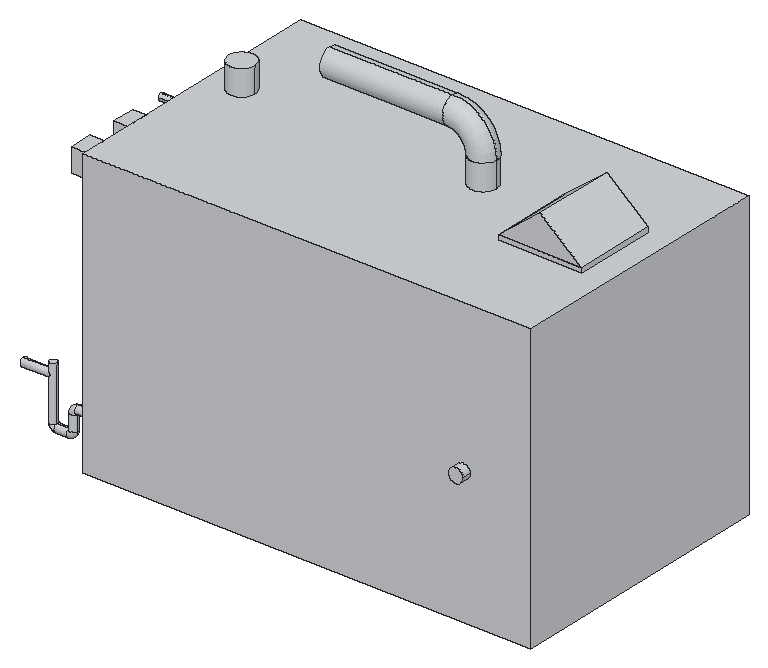
Revit family "AMP_BFIT 2500-3000", category Mechanical Equipment, Revit 2019
Family settings
  Round Connector Dimension = Use Radius
  Part Type = Normal
  OmniClass Number = 23.75.00.00
  OmniClass Title = Climate Control (HVAC)
  Work Plane-Based = No
  Always vertical = Yes
  Cut with Voids When Loaded = No
  Shared = No
  Room Calculation Point = No
Parameters (values of type "AMP/BFIT 2500-3000")
  Width = 46"
  Length = 75 5/8"
  Height = 48 3/8"
  Voltage = ""
  Vent = "10\" EZ Vent"
  Manufacturer = "Bryan Steam"  # constant formula
  Hydronic Supply = "4\" Victaulic"
  Hydronic Return = "4\" Victaulic"
  Gas Train = "2\" NPT"
  Condensate Trap = "1\" Pipe"
  Boiler Drain = "3/4\" NPT"
  Air Supply = "10\""
Reference planes
  plane 1 "Center (Front/Back)": y = 0
  plane 2: z = 0
  plane 3 "Center (Left/Right)": x = 0
  plane 4 "Vent": y = 96.749
  plane 5 "Condensate Trap": y = -457.2
  plane 6 "Supply 4" Victualic Elbow Style 10": x = 213.741
  plane 7 "3" Supply Manifold": z = 1466.85
  plane 8 "3" Supply Elbow Victaulic Style 10": y = 96.749
Forms (mm)
  Extrusion 1, solid
    sketch origin (0, 0, 0) x (1, 0, 0) y (0, 1, 0)
      loop
        line (-960.437, 584.2) -> (-960.437, -584.2) -> (960.438, -584.2) -> (960.438, 584.2) -> (-960.437, 584.2)
    from 0 to 1228.725
  Extrusion 2, solid
    sketch origin (960.438, -584.2, 0) x (-1, 0, 0) y (0, 0, -1)
      loop
        circle (288.925, -581.025) r 30.163
    from 0 to 38.1
  Extrusion 3, solid
    sketch origin (0, 0, 1228.725) x (1, 0, 0) y (0, 1, 0)
      loop
        line (497.624, 177.8) -> (497.624, -177.8) -> (855.663, -177.8) -> (855.663, 177.8) -> (497.624, 177.8)
    from 0 to 21.63
  Extrusion 4, solid
    sketch origin (855.663, -177.8, 1228.725) x (-1, 0, 0) y (0, 0, -1)
      loop
        line (358.038, -21.63) -> (0, -21.63) -> (179.019, -167.063) -> (358.038, -21.63)
    from 0 to -355.6
  Extrusion 5, solid
    sketch origin (0, 0, 1228.725) x (1, 0, 0) y (0, 1, 0)
      loop
        circle (-820.737, 95.25) r 57.15
      loop
        circle (213.754, 95.25) r 57.15
    from 0 to 107.95
  Extrusion 6, solid
    sketch origin (-960.437, -584.2, 0) x (0, 1, 0) y (0, 0, -1)
      loop
        circle (987.425, -282.575) r 123.596
      loop
        circle (987.425, -282.575) r 119.863
    from 0 to 34.925
  Sweep 7, solid
    path origin (0, -457.2, 0) x (-1, 0, 0) y (0, 0, 1)
      loop
        line (960.437, 146.406) -> (1081.443, 146.406)
        arc (1081.443, 146.406) -> (1093.8, 141.287) -> (1098.918, 128.93) r 17.475
        line (1098.918, 128.93) -> (1098.918, 62.281)
        arc (1098.918, 62.281) -> (1104.037, 49.924) -> (1116.393, 44.806) r 17.475
        line (1116.393, 44.806) -> (1170.356, 44.806)
        arc (1170.356, 44.806) -> (1182.704, 49.92) -> (1187.818, 62.268) r 17.463
        line (1187.818, 62.268) -> (1187.818, 292.456)
    profile origin (-1020.94, -457.2, 146.406) x (0, 0, 1) y (0, 1, 0)
      loop
        circle (0, 0) r 16.701
  Revolve 8, solid
    sketch origin (0, -457.2, 0) x (-1, 0, 0) y (0, 0, 1)
      loop
        line (1316.037, 247.65) -> (1316.037, 264.351) -> (1187.45, 264.351) -> (1187.45, 247.65) -> (1316.037, 247.65)
      axis (1187.45, 247.65) -> (1316.037, 247.65)
    angle from 0 to 360
  Extrusion 9, solid
    sketch origin (-960.437, -584.2, 0) x (0, 1, 0) y (0, 0, -1)
      loop
        line (345.313, -1223.963) -> (345.313, -1122.363) -> (243.713, -1122.363) -> (243.713, -1223.963) -> (345.313, -1223.963)
      loop
        line (119.888, -1223.95) -> (119.888, -1122.35) -> (18.288, -1122.35) -> (18.288, -1223.95) -> (119.888, -1223.95)
    from 0 to 63.004
  Revolve 10, solid
    sketch origin (0, 95.25, 0) x (-1, 0, 0) y (0, 0, 1)
      loop
        line (1166.812, 766.775) -> (1160.126, 894.362) -> (906.474, 881.069) -> (913.161, 753.482) -> (1166.812, 766.775)
      axis (913.161, 753.482) -> (1166.812, 766.775)
    angle from 0 to 360
  Extrusion 11, solid
    sketch origin (-960.437, -584.2, 0) x (0, 1, 0) y (0, 0, -1)
      loop
        circle (679.45, -1076.325) r 13.335
      loop
        circle (679.45, -1076.325) r 10.465
    from 0 to 206.375
  Sweep 12, solid
    path origin (0, 96.749, 0) x (-1, 0, 0) y (0, 0, 1)
      loop
        arc (-213.754, 1335.256) -> (-175.626, 1427.304) -> (-83.579, 1465.431) r 130.175
        line (-83.579, 1465.431) -> (442.912, 1465.431)
    profile origin (175.626, 96.749, 1427.304) x (0.707107, 0, 0.707107) y (0, 1, 0)
      loop
        circle (0, 0) r 57.15
Lines and regions (mm)
  model lines
    curve 1: circle (213.897, 97.198, 1336.675) r 50.8 normal (0, 0, 1)
Dimensions and locks
  "Height": Extrusion 1 to level
  equal spacing: Extrusion 1 sketch curve, plane 3 "Center (Left/Right)", Extrusion 1 sketch curve
  "Length": Extrusion 1 sketch curve to Extrusion 1 sketch curve
  equal spacing: Extrusion 1 sketch curve, plane 1 "Center (Front/Back)", Extrusion 1 sketch curve
  "Width": Extrusion 1 sketch curve to Extrusion 1 sketch curve
  Extrusion 2 sketch curve to Extrusion 1 = 22 7/8"
  Extrusion 1 to Extrusion 2 sketch curve = 11 3/8"
  locked: Extrusion 3 sketch curve to Extrusion 1 at 104.775
  locked: Extrusion 3 sketch curve to Extrusion 3 sketch curve at 358.038
  locked: Extrusion 3 sketch curve to Extrusion 3 sketch curve at 355.6
  locked: Extrusion 3 sketch curve to Extrusion 1 at 406.4
  locked: Extrusion 1 to Extrusion 5 sketch curve at 488.95  (x2)
  locked: Extrusion 1 to Extrusion 6 sketch curve at 282.575
  Extrusion 1 to Extrusion 6 sketch curve = 7 1/8"
  Revolve 8 sketch curve to Revolve 8 sketch curve = 0.6575"
  level to plane 7 "3" Supply Manifold" = 57 3/4"
  locked: plane 3 "Center (Left/Right)" to plane 6 "Supply 4" Victualic Elbow Style 10" at 213.741
  locked: plane 8 "3" Supply Elbow Victaulic Style 10" to plane 1 "Center (Front/Back)" at 96.749
  locked: plane 4 "Vent" to plane 1 "Center (Front/Back)" at 96.749
  locked: plane 5 "Condensate Trap" to plane 1 "Center (Front/Back)" at 457.2
  locked: Sweep 7 sketch curve to Sweep 7 sketch curve at 88.9
  locked: Sweep 7 sketch curve to Sweep 7 sketch curve at 247.65
  locked: Revolve 8 sketch curve to Revolve 8 sketch curve at 128.588
  locked: Extrusion 9 sketch curve to Extrusion 9 sketch curve at 101.6  (x4)
  Extrusion 6 sketch curve to Extrusion 6 sketch curve = 0"  (x2)
  locked: Revolve 10 sketch curve to Revolve 10 sketch curve at 127.762
  Extrusion 1 to Extrusion 11 sketch curve = 42 3/8"
  equal spacing: Extrusion 1, Extrusion 11 sketch curve, Extrusion 11 sketch curve  (x2)
  locked: Extrusion 1 to Extrusion 11 sketch curve at 488.95
  locked: Extrusion 1 to Extrusion 5 sketch curve at 139.7
  locked: Extrusion 5 sketch curve to Extrusion 1 at 746.684
  locked: Extrusion 1 to Sweep 12 sketch curve at 517.525
  locked: Extrusion 1 to Sweep 12 sketch curve at 236.706
  locked: Extrusion 1 to Revolve 8 sketch curve at 247.65  (x2)
  aligned and locked: level to plane 2
Automatic sketch dimensions
  Extrusion 4 sketch curve to Extrusion 3 = 0"  (x3)
  Extrusion 4 sketch curve to Extrusion 3 = 7.048"
  Extrusion 4 sketch curve to Extrusion 3 = 5.72571"
  Sweep 7 sketch curve to plane 5 "Condensate Trap" = 0"
  profile plane to Sweep 7 sketch curve = 0"
  Sweep 7 sketch curve to Sweep 7 sketch curve = 0.688"  (x2)
  Sweep 7 sketch curve to Sweep 7 sketch curve = 11/16"
  Sweep 7 sketch curve to Sweep 7 sketch curve = 2.624"
  Sweep 7 sketch curve to Sweep 7 sketch curve = 4.764"
  Revolve 8 sketch curve to Revolve 8 sketch curve = 0.2025"
  Revolve 8 sketch curve to Revolve 8 sketch curve = 0.828"
  Extrusion 6 sketch curve to Extrusion 6 sketch curve = 0"  (x2)
  Revolve 10 sketch curve to Revolve 10 sketch curve = 5.32404"
  Revolve 10 sketch curve to Revolve 10 sketch curve = 0"  (x2)
  level to Sweep 7 sketch curve = 5.764"
  Sweep 7 sketch curve to plane 3 "Center (Left/Right)" = 42.5765"
  Revolve 8 sketch curve to plane 3 "Center (Left/Right)" = 46 3/4"
  Extrusion 1 to Extrusion 9 sketch curve = 0.188"
  Extrusion 9 sketch curve to Extrusion 1 = 0.72"
  Extrusion 1 to Extrusion 9 sketch curve = 3/16"
  Extrusion 9 sketch curve to Extrusion 9 sketch curve = 4 7/8"
  Revolve 10 sketch curve to plane 3 "Center (Left/Right)" = 35.68795"
  Revolve 10 sketch curve to plane 7 "3" Supply Manifold" = 28.08536"
  Revolve 10 sketch curve to Revolve 10 sketch curve = 0.26325"
  Revolve 10 sketch curve to plane 7 "3" Supply Manifold" = 22.53889"
  Extrusion 11 sketch curve to Extrusion 11 sketch curve = 0"  (x2)
  Sweep 12 sketch curve to plane 8 "3" Supply Elbow Victaulic Style 10" = 0"
  Sweep 12 sketch curve to profile plane = 0"
  plane 3 "Center (Left/Right)" to Sweep 12 sketch curve = 3.2905"
  Sweep 12 sketch curve to Sweep 12 sketch curve = 5 1/8"
  radius of Sweep 7 sketch curve = 0.6575"
  radius of Extrusion 6 sketch curve = 4.866"
  radius of Extrusion 6 sketch curve = 4.719"
  radius of Extrusion 11 sketch curve = 0.412"
  radius of Extrusion 11 sketch curve = 0.525"
  radius of Extrusion 5 sketch curve = 2 1/4"  (x2)
  radius of curve 1 = 2"
  radius of Sweep 12 sketch curve = 2 1/4"
  radius of Extrusion 2 sketch curve = 1 3/16"
Connectors
  piping at (-820.737, 95.25, 1336.675), diameter 101.6
    settings: on Extrusion 5, index 2, connector inside diameter 24", connector length 0", flow factor 0, pipe flow 0 GPM, pressure drop 0.00 psi, fitting loss kfactor 0, connector angle 0.00°, fixture units 0, engagement length 0", angle of deflection 0.00°, flow configuration 0, flow direction 1, fitting loss method 0, system type 8, joint type 0, gender type 0, connector reference index -1, connector utility 0, adjustable connector no, is connector primary yes, connector description ""
  piping at (671.513, -622.3, 581.025), diameter 50.8
    settings: on Extrusion 2, index 3, connector inside diameter 24", connector length 0", flow factor 0, pipe flow 0 GPM, pressure drop 0.00 psi, fitting loss kfactor 0, connector angle 0.00°, fixture units 0, engagement length 0", angle of deflection 0.00°, flow configuration 0, flow direction 1, fitting loss method 0, system type 22, joint type 0, gender type 0, connector reference index -1, connector utility 0, adjustable connector no, is connector primary no, connector description ""
  piping at (-995.362, 403.225, 282.575), diameter 254
    settings: on Extrusion 6, index 4, connector inside diameter 24", connector length 0", flow factor 0, pipe flow 0 GPM, pressure drop 0.00 psi, fitting loss kfactor 0, connector angle 0.00°, fixture units 0, engagement length 0", angle of deflection 0.00°, flow configuration 0, flow direction 1, fitting loss method 0, system type 22, joint type 0, gender type 0, connector reference index -1, connector utility 0, adjustable connector no, is connector primary no, connector description ""
  piping at (-1316.037, -457.2, 247.65), diameter 25.4
    settings: on Revolve 8, index 6, connector inside diameter 24", connector length 0", flow factor 0, pipe flow 0 GPM, pressure drop 0.00 psi, fitting loss kfactor 0, connector angle 0.00°, fixture units 0, engagement length 0", angle of deflection 0.00°, flow configuration 0, flow direction 2, fitting loss method 0, system type 22, joint type 0, gender type 0, connector reference index -1, connector utility 0, adjustable connector no, is connector primary no, connector description ""
  piping at (-442.912, 96.749, 1465.431), diameter 101.6
    settings: on Sweep 12, index 7, connector inside diameter 24", connector length 0", flow factor 0, pipe flow 0 GPM, pressure drop 0.00 psi, fitting loss kfactor 0, connector angle 0.00°, fixture units 0, engagement length 0", angle of deflection 0.00°, flow configuration 0, flow direction 2, fitting loss method 0, system type 7, joint type 0, gender type 0, connector reference index -1, connector utility 0, adjustable connector no, is connector primary no, connector description ""
  piping at (-1166.812, 95.25, 1076.325), diameter 19.05
    settings: on Extrusion 11, index 8, connector inside diameter 24", connector length 0", flow factor 0, pipe flow 0 GPM, pressure drop 0.00 psi, fitting loss kfactor 0, connector angle 0.00°, fixture units 0, engagement length 0", angle of deflection 0.00°, flow configuration 0, flow direction 2, fitting loss method 0, system type 22, joint type 0, gender type 0, connector reference index -1, connector utility 0, adjustable connector no, is connector primary no, connector description ""
  piping at (-1166.812, 95.25, 766.775), diameter 254
    settings: on Revolve 10, index 9, connector inside diameter 24", connector length 0", flow factor 0, pipe flow 0 GPM, pressure drop 0.00 psi, fitting loss kfactor 0, connector angle 0.00°, fixture units 0, engagement length 0", angle of deflection 0.00°, flow configuration 0, flow direction 2, fitting loss method 0, system type 17, joint type 0, gender type 0, connector reference index -1, connector utility 0, adjustable connector no, is connector primary no, connector description ""
